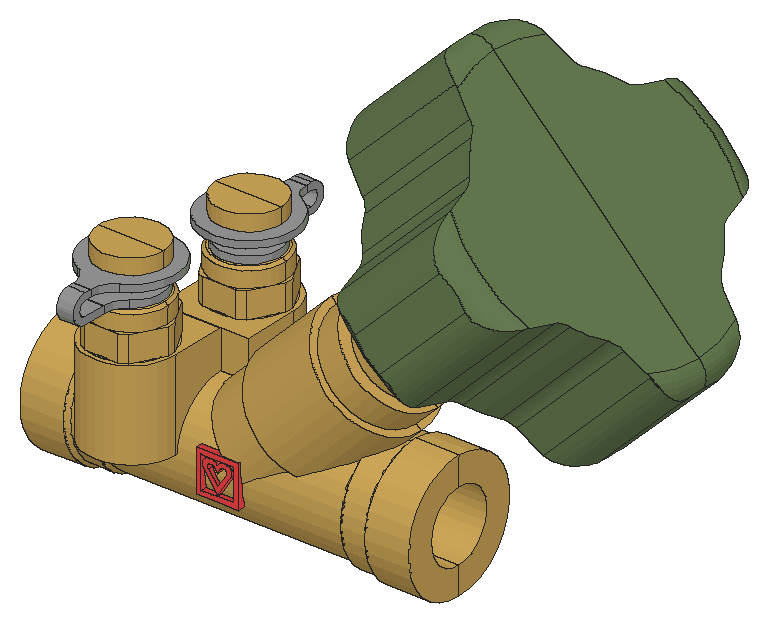
Revit family "Балансировочный клапан с диафрагмой для систем питьевого водоснабжения 4017 MW", category Rohrzubehör, Revit 2021
Family settings
  Bemaßung runder Anschluss = Durchmesser verwenden
  Teiletyp = Unterbricht
  OmniClass-Nummer = 23.65.55.14
  OmniClass-Titel = Valves for Liquid Services
  Arbeitsebenenbasiert = Nein
  Immer vertikal = Ja
  Beim Laden mit Abzugskörper schneiden = Nein
  Gemeinsam genutzt = Nein
Parameters
  Среда = "Питьевая вода"  # constant formula
  Примечание = "В соответствии со статьей 33 Регламента REACH (Registration; Evaluation; Authorisation; Restriction of Chemicals) (EC № 1907/2006) мы обязаны указать, что свинец внесен в список SVHC (Substances of Very High Concern - вещества очень высокой важности) и весовой процент свинца во всех латунных компонентах заводского изготовления в наших изделиях, превышает 0,1 % (w/w) (CAS: 7439-92-1 / EINECS: 231-100-4).\r\nПоскольку свинец является легирующим компонентом сплава, прямое негативное влияние исключается, и поэтому дополнительной информации о безопасном использовании не требуется."
  Область применения = "Для перекрытия трубопроводов и регулирования систем питьевого водоснабжения в зданиях или для гидравлической балансировки водоподающих трубопроводов."
  Номер заказа [instance] = size_lookup("4017_MW_", "Artnr", 0, Nennweite)  # 2401701
  Маховик = "пластик, цвет - зеленый"  # constant formula
  Корпус = "латунь, устойчивая к селективной цинковой коррозии"  # constant formula
  Исполнение = "В соответствии с нормами BS 7350 PN20, серия В, балансировочный клапан с наклонным шпинделем производится из медных сплавов.\r\nВсе металлические части, контактирующие с водой, изготовлены из латуни, устойчивой к селективной цинковой коррозии.\r\nКран-букса - с неподнимающимся шпинделем."
  kvs-значения [instance] = if(Nennweite = 15.000 mm, 2, if(Nennweite = 20.000 mm, 3.6, if(Nennweite = 25.000 mm, 6.5, if(Nennweite = 32.000 mm, 13.3, if(Nennweite = 40.000 mm, 18.5, if(Nennweite = 50.000 mm, 33, 0))))))  # 2
  kv-значения диафрагмы [instance] = if(Nennweite = 15.000 mm, 1.95, if(Nennweite = 20.000 mm, 3.95, if(Nennweite = 25.000 mm, 7.9, if(Nennweite = 32.000 mm, 15.75, if(Nennweite = 40.000 mm, 21.5, if(Nennweite = 50.000 mm, 46.7, 0))))))  # 1.95
  W01 = 45.00°  # constant formula
  Vorgabe-Ansicht = 0.000 mm
  URL = "www.herz-armaturen.ru"
  SW01 = 60.00°  # constant formula
  SCRNSEQ = "FW;SBT_TYP_FW=\"109\";2"
  SCRNCODE = "04;00;02"  # constant formula
  S03 = 60.000 mm  # constant formula
  S02 [instance] = L04 + L06 + L07  # 76.800 mm
  S01 [instance] = D01 * 2  # 27.000 mm
  R03 = 21.500 mm  # constant formula
  R02 = 9.500 mm  # constant formula
  R01 = 12.000 mm  # constant formula
  O-Ring = "EPDM"  # constant formula
  L10 [instance] = size_lookup("4017_MW_", "L10", 1.000 mm, Nennweite)  # 28.500 mm
  L09 [instance] = size_lookup("4017_MW_", "L9", 1.000 mm, Nennweite)  # 22.500 mm
  L08 [instance] = size_lookup("4017_MW_", "L8", 1.000 mm, Nennweite)  # 12.700 mm
  L07 [instance] = size_lookup("4017_MW_", "L7", 1.000 mm, Nennweite)  # 35.100 mm
  L06 [instance] = size_lookup("4017_MW_", "L6", 1.000 mm, Nennweite)  # 6.500 mm
  L05 [instance] = size_lookup("4017_MW_", "L5", 1.000 mm, Nennweite)  # 20.200 mm
  L04 [instance] = size_lookup("4017_MW_", "L4", 1.000 mm, Nennweite)  # 35.200 mm
  L03 [instance] = size_lookup("4017_MW_", "L3", 1.000 mm, Nennweite)  # 1.000 mm
  H03 [instance] = H01 - 19.000 mm  # 1.000 mm
  H02 = 13.000 mm  # constant formula
  E01 [instance] = L00 / -2  # -41.500 mm
  E00 = 0.000 mm  # constant formula
  D09 [instance] = size_lookup("4017_MW_", "D9", 1.000 mm, Nennweite)  # 11.750 mm
  D08 [instance] = size_lookup("4017_MW_", "D8", 1.000 mm, Nennweite)  # 9.500 mm
  D07 [instance] = size_lookup("4017_MW_", "D7", 1.000 mm, Nennweite)  # 12.000 mm
  D06 [instance] = size_lookup("4017_MW_", "D6", 1.000 mm, Nennweite)  # 13.500 mm
  D05 [instance] = size_lookup("4017_MW_", "D5", 1.000 mm, Nennweite)  # 12.500 mm
  D04 [instance] = Nennweite / 2  # 7.500 mm
  IG [instance] = Nennweite / 2  # 7.500 mm
  D03 [instance] = size_lookup("4017_MW_", "D3", 1.000 mm, Nennweite)  # 11.900 mm
  D02 [instance] = size_lookup("4017_MW_", "D2", 1.000 mm, Nennweite)  # 12.700 mm
  D01 [instance] = size_lookup("4017_MW_", "D1", 1.000 mm, Nennweite)  # 13.500 mm
  Nennweite [instance] = 15.000 mm
  Макс. перепад давления на закрытом седле = 1000000.0 Pa  # constant formula
  Макс. рабочая температура при 10 бар = 85 °C  # constant formula
  Макс. рабочее давление при 20 °C = 2000000.0 Pa  # constant formula
  L02 [instance] = size_lookup("4017_MW_", "L2", 1.000 mm, Nennweite)  # 5.000 mm
  L01 [instance] = size_lookup("4017_MW_", "L1", 1.000 mm, Nennweite)  # 9.250 mm
  L00 [instance] = size_lookup("4017_MW_", "L", 1.000 mm, Nennweite)  # 83.000 mm
  Hersteller = "HERZ Armaturen Ges.m.b.H."  # constant formula
  H01 [instance] = size_lookup("4017_MW_", "H1", 1.000 mm, Nennweite)  # 20.000 mm
  GT [instance] = size_lookup("4017_MW_", "GT", 1.000 mm, Nennweite)  # 13.200 mm
  DN50 [instance] = Nennweite = 50.000 mm  # no
  DN40 [instance] = Nennweite = 40.000 mm  # no
  DN32 [instance] = Nennweite = 32.000 mm  # no
  DN25 [instance] = Nennweite = 25.000 mm  # no
  DN20 [instance] = Nennweite = 20.000 mm  # no
  DN15 [instance] = Nennweite = 15.000 mm  # yes
Reference planes
  plane 1 "Mitte (Vorne/hinten)": y = 0
  plane 2: z = 0
  plane 3 "Mitte (Links/rechts)": x = 0
Forms (mm)
  Revolve 1, solid, material "Messing, weicher Gelbton, geschweißt", detail levels fine
    sketch origin (470, 0, 0) x (1, 0, 0) y (0, 0, 1)
      loop
        line (-511.5, 7.5) -> (-498.3, 7.5) -> (-498.3, 0) -> (-441.7, 0) -> (-441.7, 7.5) -> (-428.5, 7.5) -> (-428.5, 13.5) -> (-437.75, 13.5) -> (-438.55, 12.7) -> (-443.55, 12.7) -> (-444.35, 11.9) -> (-495.65, 11.9) -> (-496.45, 12.7) -> (-501.45, 12.7) -> (-502.25, 13.5) -> (-511.5, 13.5) -> (-511.5, 7.5)
      axis (-511.5, 0) -> (-428.5, 0)
    angle from 0 to 360
  Revolve 2, solid, material "Messing, weicher Gelbton, geschweißt", detail levels fine
    sketch origin (0.32, 0, -0.105) x (1, 0, 0) y (0, 0, 1)
      loop
        line (-1.32, 0.105) -> (52.986, 54.411) -> (44.677, 62.719) -> (35.697, 53.739) -> (37.288, 52.148) -> (21.449, 36.309) -> (19.681, 38.076) -> (15.085, 33.48) -> (14.024, 34.541) -> (-0.259, 20.257) -> (0.448, 19.55) -> (-7.098, 12.005) -> (-6.623, 5.408) -> (-1.32, 0.105)
      axis (-1.32, 0.105) -> (52.986, 54.411)
    angle from 0 to 360
  Extrusion 3, solid, material "Messing, weicher Gelbton, geschweißt", detail levels fine
    sketch origin (0, 0, 0) x (1, 0, 0) y (0, 1, 0)
      loop
        arc (-28.5, -12) -> (-19, -21.5) -> (-9.5, -12) r 9.5
        line (-9.5, -12) -> (-9.5, 0) -> (-28.5, 0) -> (-28.5, -12)
    from 1 <- "H03" to 20 <- "H01"
  Extrusion 4, solid, material "Messing, weicher Gelbton, geschweißt", detail levels fine
    sketch origin (0, 0, 0) x (1, 0, 0) y (0, 1, 0)
      loop
        line (-22.5, 12) -> (-22.5, 0) -> (-3.5, 0) -> (-3.5, 12)
        arc (-3.5, 12) -> (-13, 21.5) -> (-22.5, 12) r 9.5
    from 0 to 20 <- "H01"
Lines and regions (mm)
  model lines, detail levels coarse+medium
    curve 1: line (-41.5, 0, 13.5) -> (-41.5, 0, -13.5)
    curve 2: line (-41.5, 0, -13.5) -> (41.5, 0, 13.5)
    curve 3: line (41.5, 0, 13.5) -> (41.5, 0, -13.5)
    curve 4: line (41.5, 0, -13.5) -> (-41.5, 0, 13.5)
    curve 5: line (0, 0, 0) -> (38.4, 0, 66.511)
    curve 6: line (12.419, 0, 81.511) -> (64.381, 0, 51.511)
    curve 7: line (-41.5, -13.5, 0) -> (-41.5, 13.5, 0)
    curve 8: line (-41.5, 13.5, 0) -> (41.5, -13.5, 0)
    curve 9: line (41.5, -13.5, 0) -> (41.5, 13.5, 0)
    curve 10: line (41.5, 13.5, 0) -> (-41.5, -13.5, 0)
    curve 11: line (0, 0, 0) -> (38.4, 66.511, 0)
    curve 12: line (12.419, 81.511, 0) -> (64.381, 51.511, 0)
Dimensions and locks
  "L00": Revolve 1 sketch curve to Revolve 1 sketch curve
  equal spacing: Revolve 1 sketch curve, plane 3 "Mitte (Links/rechts)", Revolve 1 sketch curve
  "D01": Revolve 1 sketch curve to Revolve 1 sketch curve  (x2)
  "GT": Revolve 1 sketch curve to Revolve 1 sketch curve  (x2)
  "D06": Revolve 2 sketch curve to Revolve 2 sketch curve
  "D07": Revolve 2 sketch curve to Revolve 2 sketch curve
  "D08": Revolve 2 sketch curve to Revolve 2 sketch curve
  "D09": Revolve 2 sketch curve to Revolve 2 sketch curve
  equal spacing: curve 1, plane 3 "Mitte (Links/rechts)", curve 3
  "L00": curve 1 to curve 3
  equal spacing: curve 4, plane 2, curve 2
  "S01": curve 4 to curve 1
  "S01": curve 3 to curve 4
  equal spacing: curve 3, plane 2, curve 4
  "S02": curve 5 to curve 5
  equal spacing: curve 6, curve 5, curve 6
  "S03": curve 6 to curve 6
  equal spacing: curve 7, plane 3 "Mitte (Links/rechts)", curve 9
  "L00": curve 7 to curve 9
  equal spacing: curve 10, plane 1 "Mitte (Vorne/hinten)", curve 8
  "S01": curve 8 to curve 10
  equal spacing: curve 9, plane 1 "Mitte (Vorne/hinten)", curve 10
  "S01": curve 10 to curve 9
  "S02": curve 11 to curve 11
  equal spacing: curve 12, curve 11, curve 12
  "S03": curve 12 to curve 12
  "L01": Revolve 1 sketch curve to Revolve 1 sketch curve  (x2)
  "D02": Revolve 1 sketch curve to plane 2  (x2)
  "D03": Revolve 1 sketch curve to plane 2
  "IG": Revolve 1 sketch curve to plane 2  (x2)
  "L02": Revolve 1 sketch curve to Revolve 1 sketch curve  (x2)
  "L04": Revolve 2 sketch curve to Revolve 2 sketch curve
  "L05": Revolve 2 sketch curve to Revolve 2 sketch curve
  "D03": Revolve 2 sketch curve to plane 2
  "L06": Revolve 2 sketch curve to Revolve 2 sketch curve
  "L08": Revolve 2 sketch curve to Revolve 2 sketch curve
  "L07": Revolve 2 sketch curve to Revolve 2 sketch curve
  "D04": Revolve 2 sketch curve to Revolve 2 sketch curve
  "D05": Revolve 2 sketch curve to Revolve 2 sketch curve
  "L03": plane 3 "Mitte (Links/rechts)" to Revolve 2 sketch curve  (x2)
  "D03": nested 1 to plane 1 "Mitte (Vorne/hinten)"
  "L09": Revolve 1 to Extrusion 3 sketch curve
  "R01": Extrusion 3 sketch curve to plane 1 "Mitte (Vorne/hinten)"
  "R01": plane 1 "Mitte (Vorne/hinten)" to Extrusion 4 sketch curve
  "L10": Revolve 1 to Extrusion 4 sketch curve
  "H01": nested 3 to plane 2
  "H01": nested 2 to plane 2
  "R01": nested 3 to plane 1 "Mitte (Vorne/hinten)"
  "R01": plane 1 "Mitte (Vorne/hinten)" to nested 2
  "L10": Revolve 1 to nested 2
  "L09": Revolve 1 to nested 3
  "R02": radius of Extrusion 3 sketch curve
  "R02": radius of Extrusion 4 sketch curve
  "W01": angle level to Revolve 2 sketch curve
  "SW01": angle plane 2 to curve 5
  "SW01": angle plane 1 "Mitte (Vorne/hinten)" to curve 11
  "W01": angle Revolve 1 sketch curve to Revolve 1 sketch curve  (x4)
  "W01": angle plane 2 to Revolve 2 sketch curve
  aligned and locked: level to plane 2
Automatic sketch dimensions
  curve 5 to level = 0.000 mm
  plane 1 "Mitte (Vorne/hinten)" to curve 11 = 0.000 mm
  Revolve 1 sketch curve to level = 0.000 mm  (x2)
  Revolve 1 sketch curve to Revolve 1 sketch curve = 791.990 mm
  Revolve 1 sketch curve to Revolve 1 sketch curve = 2278.983 mm
  Revolve 2 sketch curve to level = 0.000 mm  (x2)
  plane 1 "Mitte (Vorne/hinten)" to Extrusion 3 sketch curve = 0.000 mm
  plane 1 "Mitte (Vorne/hinten)" to Extrusion 4 sketch curve = 0.000 mm
Nested families
  nested 1: "Herz-Logo-vorne" at (0, -11.9, 0) x (0, 1, 0) z (0, 0, 1), type "Herz-Logo-vorne", detail levels fine
  nested 2: "Messstutzen_Band_Austritt_senkrecht_(oben)" at (-13, 12, 2.5), type "Messstutzen_Band_Austritt_senkrecht_(oben)"
    with Schutzkappe yes, Nennweite 0.000 mm, Gewicht 0.00 kg, Bestellnummer 0
  nested 3: "Messstutzen_Band_Eintritt_senkrecht_(oben)" at (-19, -12, 2.5) x (-1, 0, 0) z (0, 0, 1), type "Messstutzen_Band_Eintritt_senkrecht_(oben)"
    with Schutzkappe yes, Nennweite 0.000 mm, Gewicht 0.00 kg, Bestellnummer 0
  nested 4: "Strangregulierventil-Handrad (Grün) DN15-DN32" at (53.306, 0, 54.306), visible <- "DN15", type "Strangregulierventil-Handrad (Grün) DN15-DN32"
    with Nennweite 0.000 mm, Gewicht 0.00 kg, Bestellnummer 0
  nested 5: "Strangregulierventil-Handrad (Grün) DN15-DN32" at (55.846, 0, 56.846), visible <- "DN20", type "Strangregulierventil-Handrad (Grün) DN15-DN32"
    with Nennweite 0.000 mm, Gewicht 0.00 kg, Bestellnummer 0
  nested 6: "Strangregulierventil-Handrad (Grün) DN15-DN32" at (64.569, 0, 70.069), visible <- "DN25", type "Strangregulierventil-Handrad (Grün) DN15-DN32"
    with Nennweite 0.000 mm, Gewicht 0.00 kg, Bestellnummer 0
  nested 7: "Strangregulierventil-Handrad (Grün) DN15-DN32" at (67.426, 0, 76.226), visible <- "DN32", type "Strangregulierventil-Handrad (Grün) DN15-DN32"
    with Nennweite 0.000 mm, Gewicht 0.00 kg, Bestellnummer 0
  nested 8: "Strangregulierventil-Handrad (Grün) DN40-DN50" at (76.747, 0, 88.247), visible <- "DN40", type "Strangregulierventil-Handrad (Grün) DN40-DN50"
    with Nennweite 0.000 mm, Gewicht 0.00 kg, Bestellnummer 0
  nested 9: "Strangregulierventil-Handrad (Grün) DN40-DN50" at (75.124, 0, 91.924), visible <- "DN50", type "Strangregulierventil-Handrad (Grün) DN40-DN50"
    with Nennweite 0.000 mm, Gewicht 0.00 kg, Bestellnummer 0
Connectors
  piping at (-28.3, 0, 0), diameter 15, driven by "Nennweite"
    settings: on Revolve 1, index 1, connector inside diameter 609.6 mm, connector length 0.000 mm, flow factor 0, pipe flow 0.0 L/s, pressure drop 0.0 Pa, fitting loss kfactor 0, connector angle 0.00°, fixture units 0, engagement length 0.000 mm, angle of deflection 0.00°, flow configuration 0, flow direction 1, fitting loss method 0, system type 29, joint type 0, gender type 0, connector reference index -1, connector utility 0, adjustable connector no, is connector primary yes, connector description ""
  piping at (28.3, 0, 0), diameter 15, driven by "Nennweite"
    settings: on Revolve 1, index 2, connector inside diameter 609.6 mm, connector length 0.000 mm, flow factor 0, pipe flow 0.0 L/s, pressure drop 0.0 Pa, fitting loss kfactor 0, connector angle 0.00°, fixture units 0, engagement length 0.000 mm, angle of deflection 0.00°, flow configuration 0, flow direction 2, fitting loss method 0, system type 29, joint type 0, gender type 0, connector reference index -1, connector utility 0, adjustable connector no, is connector primary no, connector description ""
Definition of nested family "Herz-Logo-vorne"
  Parameters (values of type "Herz-Logo-vorne")
    Default Elevation = 0.000 mm
  Reference planes
    plane 1 "Mitte (Vorne/hinten)": y = 0
    plane 2: z = 0
    plane 3 "Mitte (Links/rechts)": x = 0
  Forms (mm)
    Extrusion 1, solid
      sketch origin (0.732, -0.018, 0.017) x (0, -1, 0) y (0, 0, 1)
        loop
          line (-0.018, -4.517) -> (4.482, -4.517) -> (4.482, 4.483) -> (-4.518, 4.483) -> (-4.518, -4.517) -> (-0.018, -4.517)
        loop
          line (-0.05, -3.48) -> (3.482, -3.48) -> (3.482, 3.483) -> (-3.518, 3.483) -> (-3.518, -3.48) -> (-0.05, -3.48)
        loop
          arc (-0.018, 2.383) -> (-1.543, 3.287) -> (-3.067, 2.383) r 1.738
          arc (-3.067, 2.383) -> (-3.191, 1.899) -> (-3.067, 1.415) r 1.009
          line (-3.067, 1.415) -> (-0.018, -3.281) -> (3.032, 1.415)
          arc (3.032, 1.415) -> (3.156, 1.899) -> (3.032, 2.383) r 1.009
          arc (3.032, 2.383) -> (1.507, 3.287) -> (-0.018, 2.383) r 1.738
        loop
          arc (1.885, 1.272) -> (2.005, 1.675) -> (1.885, 2.079) r 0.74
          arc (1.885, 2.079) -> (1.265, 2.416) -> (0.644, 2.079) r 0.74
          line (0.644, 2.079) -> (-0.018, 0.97) -> (-0.679, 2.079)
          arc (-0.679, 2.079) -> (-1.3, 2.416) -> (-1.921, 2.079) r 0.74
          arc (-1.921, 2.079) -> (-2.04, 1.675) -> (-1.921, 1.272) r 0.74
          line (-1.921, 1.272) -> (-0.018, -1.658) -> (1.885, 1.272)
      from 0 to 1.5
  Dimensions and locks
    aligned and locked: level to plane 2
Definition of nested family "Messstutzen_Band_Austritt_senkrecht_(oben)"
  Parameters (values of type "Messstutzen_Band_Austritt_senkrecht_(oben)")
    Default Elevation = 0.000 mm
    URL = "www.herz-armaturen.at"
    Schutzkappe [instance] = yes
    Nennweite [instance] = 0.000 mm
    Manufacturer = "Herz Armaturen GmbH"  # constant formula
    Gewicht [instance] = 0.00 kg
    Bestellnummer [instance] = 0
  Reference planes
    plane 1 "Mitte (Vorne/hinten)": y = 0
    plane 2: z = 0
    plane 3 "Mitte (Links/rechts)": x = 0
    plane 4 "Schlaufe 1": z = -27
    plane 5 "Schlaufe 2": z = -31.678
  Forms (mm)
    Revolve 1, solid, detail levels fine
      sketch origin (0, 0, 0) x (1, 0, 0) y (0, 0, 1)
        loop
          line (-7.4, 9) -> (-5.55, 9) -> (-5.55, 6)
          arc (-5.55, 6) -> (-5.626, 5.617) -> (-5.843, 5.293) r 1
          line (-5.843, 5.293) -> (-6.455, 4.681) -> (-6.455, 0.9) -> (-5.555, 0) -> (-2, 0) -> (-2, 17.5) -> (-8.4, 17.5)
          arc (-8.4, 17.5) -> (-7.693, 17.207) -> (-7.4, 16.5) r 1
          line (-7.4, 16.5) -> (-7.4, 9)
        loop
          line (-3.7, 27) -> (-7.3, 27) -> (-7.9, 26.4) -> (-7.9, 23) -> (-2, 23) -> (-2, 35.8) -> (-3.805, 35.8) -> (-4.415, 35.19) -> (-4.415, 30.863) -> (-3.7, 30.45) -> (-3.7, 27)
        axis (0, 0) -> (0, 35.8)
      angle from 0 to 360
    Extrusion 2, solid, detail levels fine
      sketch origin (0, 0, 17.5) x (0, 1, 0) y (-1, 0, 0)
        loop
          arc (-7.07, 5.156) -> (-7.578, 4.375) -> (-8, 3.544) r 8.75
          line (-8, 3.544) -> (-8, -3.544)
          arc (-8, -3.544) -> (-7.578, -4.375) -> (-7.07, -5.156) r 8.75
          line (-7.07, -5.156) -> (-0.93, -8.7)
          arc (-0.93, -8.7) -> (0, -8.75) -> (0.93, -8.7) r 8.75
          line (0.93, -8.7) -> (7.07, -5.156)
          arc (7.07, -5.156) -> (7.578, -4.375) -> (8, -3.544) r 8.75
          line (8, -3.544) -> (8, 3.544)
          arc (8, 3.544) -> (7.578, 4.375) -> (7.07, 5.156) r 8.75
          line (7.07, 5.156) -> (0.93, 8.7)
          arc (0.93, 8.7) -> (0, 8.75) -> (-0.93, 8.7) r 8.75
          line (-0.93, 8.7) -> (-7.07, 5.156)
      from 0 to 5.5
    Revolve 3, solid, visible <- "Schutzkappe", detail levels fine
      sketch origin (0, 0, 0) x (1, 0, 0) y (0, 0, 1)
        loop
          line (0, 35.878) -> (0, 36.678) -> (-7, 36.678) -> (-7, 33.378) -> (-6.1, 33.378) -> (-6.1, 31.678) -> (-6.9, 31.678) -> (-6.9, 30.178) -> (-4.415, 30.178) -> (-4.415, 35.268) -> (-3.805, 35.878) -> (0, 35.878)
        axis (0, 30.178) -> (0, 36.678)
      angle from 0 to 360
    Extrusion 4, solid, detail levels fine
      sketch origin (0, 0, 28.5) x (1, 0, 0) y (0, 1, 0)
        loop
          circle (0, 0) r 3.7
        loop
          arc (-3.906, 5.505) -> (0, -6.75) -> (3.906, 5.505) r 6.75
          arc (3.906, 5.505) -> (2.358, 7.288) -> (1.8, 9.582) r 5
          line (1.8, 9.582) -> (-1.8, 9.582)
          arc (-1.8, 9.582) -> (-2.358, 7.288) -> (-3.906, 5.505) r 5
      from 0 to -1.5
    Extrusion 5, solid, detail levels fine
      sketch origin (0, 0, 33.178) x (1, 0, 0) y (0, 1, 0)
        loop
          circle (0, 0) r 6.1
        loop
          arc (-4.495, 8.652) -> (0, -9.75) -> (4.495, 8.652) r 9.75
          arc (4.495, 8.652) -> (2.527, 10.493) -> (1.8, 13.089) r 5
          line (1.8, 13.089) -> (-1.8, 13.089)
          arc (-1.8, 13.089) -> (-2.527, 10.493) -> (-4.495, 8.652) r 5
      from 0 to -1.5
    Sweep 6, solid, detail levels fine
      path origin (0, 0, 0) x (0, 0, -1) y (0, -1, 0)
        loop
          line (-27.75, -9.582) -> (-27.75, -14.522)
          arc (-27.75, -14.522) -> (-30.089, -16.862) -> (-32.428, -14.522) r 2.339
          line (-32.428, -14.522) -> (-32.428, -13.089)
      profile origin (0, 12.052, 27.75) x (0, 0, 1) y (1, 0, 0)
        loop
          line (-0.75, -1.8) -> (0.75, -1.8) -> (0.75, 1.8) -> (-0.75, 1.8) -> (-0.75, -1.8)
  Dimensions and locks
    aligned and locked: level to plane 2
Definition of nested family "Messstutzen_Band_Eintritt_senkrecht_(oben)"
  Parameters (values of type "Messstutzen_Band_Eintritt_senkrecht_(oben)")
    Default Elevation = 0.000 mm
    URL = "www.herz-armaturen.at"
    Schutzkappe [instance] = yes
    Nennweite [instance] = 0.000 mm
    Manufacturer = "Herz Armaturen GmbH"  # constant formula
    Gewicht [instance] = 0.00 kg
    Bestellnummer [instance] = 0
  Reference planes
    plane 1 "Mitte (Vorne/hinten)": y = 0
    plane 2: z = 0
    plane 3 "Mitte (Links/rechts)": x = 0
    plane 4 "Schlaufe 1": z = -27
    plane 5 "Schlaufe 2": z = -31.678
  Forms (mm)
    Revolve 1, solid, detail levels fine
      sketch origin (0, 0, 0) x (1, 0, 0) y (0, 0, 1)
        loop
          line (-7.4, 9) -> (-5.55, 9) -> (-5.55, 6)
          arc (-5.55, 6) -> (-5.626, 5.617) -> (-5.843, 5.293) r 1
          line (-5.843, 5.293) -> (-6.455, 4.681) -> (-6.455, 0.9) -> (-5.555, 0) -> (-2, 0) -> (-2, 17.5) -> (-8.4, 17.5)
          arc (-8.4, 17.5) -> (-7.693, 17.207) -> (-7.4, 16.5) r 1
          line (-7.4, 16.5) -> (-7.4, 9)
        loop
          line (-3.7, 27) -> (-7.3, 27) -> (-7.9, 26.4) -> (-7.9, 23) -> (-2, 23) -> (-2, 35.8) -> (-3.805, 35.8) -> (-4.415, 35.19) -> (-4.415, 30.863) -> (-3.7, 30.45) -> (-3.7, 27)
        axis (0, 0) -> (0, 35.8)
      angle from 0 to 360
    Extrusion 2, solid, detail levels fine
      sketch origin (0, 0, 17.5) x (0, 1, 0) y (-1, 0, 0)
        loop
          arc (-7.07, 5.156) -> (-7.578, 4.375) -> (-8, 3.544) r 8.75
          line (-8, 3.544) -> (-8, -3.544)
          arc (-8, -3.544) -> (-7.578, -4.375) -> (-7.07, -5.156) r 8.75
          line (-7.07, -5.156) -> (-0.93, -8.7)
          arc (-0.93, -8.7) -> (0, -8.75) -> (0.93, -8.7) r 8.75
          line (0.93, -8.7) -> (7.07, -5.156)
          arc (7.07, -5.156) -> (7.578, -4.375) -> (8, -3.544) r 8.75
          line (8, -3.544) -> (8, 3.544)
          arc (8, 3.544) -> (7.578, 4.375) -> (7.07, 5.156) r 8.75
          line (7.07, 5.156) -> (0.93, 8.7)
          arc (0.93, 8.7) -> (0, 8.75) -> (-0.93, 8.7) r 8.75
          line (-0.93, 8.7) -> (-7.07, 5.156)
      from 0 to 5.5
    Revolve 3, solid, visible <- "Schutzkappe", detail levels fine
      sketch origin (0, 0, 0) x (1, 0, 0) y (0, 0, 1)
        loop
          line (0, 35.878) -> (0, 36.678) -> (-7, 36.678) -> (-7, 33.378) -> (-6.1, 33.378) -> (-6.1, 31.678) -> (-6.9, 31.678) -> (-6.9, 30.178) -> (-4.415, 30.178) -> (-4.415, 35.268) -> (-3.805, 35.878) -> (0, 35.878)
        axis (0, 30.178) -> (0, 36.678)
      angle from 0 to 360
    Extrusion 4, solid, detail levels fine
      sketch origin (0, 0, 28.5) x (1, 0, 0) y (0, 1, 0)
        loop
          circle (0, 0) r 3.7
        loop
          arc (-3.906, 5.505) -> (0, -6.75) -> (3.906, 5.505) r 6.75
          arc (3.906, 5.505) -> (2.358, 7.288) -> (1.8, 9.582) r 5
          line (1.8, 9.582) -> (-1.8, 9.582)
          arc (-1.8, 9.582) -> (-2.358, 7.288) -> (-3.906, 5.505) r 5
      from 0 to -1.5
    Extrusion 5, solid, detail levels fine
      sketch origin (0, 0, 33.178) x (1, 0, 0) y (0, 1, 0)
        loop
          circle (0, 0) r 6.1
        loop
          arc (-4.495, 8.652) -> (0, -9.75) -> (4.495, 8.652) r 9.75
          arc (4.495, 8.652) -> (2.527, 10.493) -> (1.8, 13.089) r 5
          line (1.8, 13.089) -> (-1.8, 13.089)
          arc (-1.8, 13.089) -> (-2.527, 10.493) -> (-4.495, 8.652) r 5
      from 0 to -1.5
    Sweep 6, solid, detail levels fine
      path origin (0, 0, 0) x (0, 0, -1) y (0, -1, 0)
        loop
          line (-27.75, -9.582) -> (-27.75, -14.522)
          arc (-27.75, -14.522) -> (-30.089, -16.862) -> (-32.428, -14.522) r 2.339
          line (-32.428, -14.522) -> (-32.428, -13.089)
      profile origin (0, 12.052, 27.75) x (0, 0, 1) y (1, 0, 0)
        loop
          line (-0.75, -1.8) -> (0.75, -1.8) -> (0.75, 1.8) -> (-0.75, 1.8) -> (-0.75, -1.8)
  Dimensions and locks
    aligned and locked: level to plane 2
Definition of nested family "Strangregulierventil-Handrad (Grün) DN15-DN32"
  Parameters (values of type "Strangregulierventil-Handrad (Grün) DN15-DN32")
    Default Elevation = 0.000 mm
    URL = "www.herz-armaturen.at"
    Nennweite [instance] = 0.000 mm
    Manufacturer = "Herz Armaturen GmbH"  # constant formula
    Gewicht [instance] = 0.00 kg
    Bestellnummer [instance] = 0
  Reference planes
    plane 1 "Mitte (Vorne/hinten)": y = 0
    plane 2: z = 0
    plane 3 "Mitte (Links/rechts)": x = 0
  Forms (mm)
    Revolve 1, solid, detail levels fine
      sketch origin (0, 0, 0) x (0.707107, 0, -0.707107) y (0.707107, 0, 0.707107)
        loop
          line (0, 0) -> (0, 24.95) -> (-30.992, 24.95)
          arc (-30.992, 24.95) -> (-34.37, 23.636) -> (-35.973, 20.386) r 5
          line (-35.973, 20.386) -> (-37, 8.65) -> (-35.986, -2.936)
          arc (-35.986, -2.936) -> (-34.383, -6.186) -> (-31.005, -7.5) r 5
          line (-31.005, -7.5) -> (-15, -7.5) -> (-15, 0) -> (0, 0)
        axis (0, 24.95) -> (0, -7.5)
      angle from 0 to 360
    Extrusion 2, void
      sketch origin (14.354, 0, 14.354) x (0.707107, 0, -0.707107) y (0, 1, 0)
        loop
          line (3.861, 35.5) -> (-3.861, 35.5)
          arc (-3.861, 35.5) -> (-8.731, 33.847) -> (-11.589, 29.571) r 8
          line (-11.589, 29.571) -> (-13.284, 23.245)
          arc (-13.284, 23.245) -> (-13.982, 21.722) -> (-15.144, 20.516) r 5
          arc (-15.144, 20.516) -> (-18.031, 18.031) -> (-20.516, 15.144) r 25.5
          arc (-20.516, 15.144) -> (-21.722, 13.982) -> (-23.245, 13.284) r 5
          line (-23.245, 13.284) -> (-29.571, 11.589)
          arc (-29.571, 11.589) -> (-33.847, 8.731) -> (-35.5, 3.861) r 8
          line (-35.5, 3.861) -> (-35.5, -3.861)
          arc (-35.5, -3.861) -> (-33.847, -8.731) -> (-29.571, -11.589) r 8
          line (-29.571, -11.589) -> (-23.245, -13.284)
          arc (-23.245, -13.284) -> (-21.722, -13.982) -> (-20.516, -15.144) r 5
          arc (-20.516, -15.144) -> (-18.031, -18.031) -> (-15.144, -20.516) r 25.5
          arc (-15.144, -20.516) -> (-13.982, -21.722) -> (-13.284, -23.245) r 5
          line (-13.284, -23.245) -> (-11.589, -29.571)
          arc (-11.589, -29.571) -> (-8.731, -33.847) -> (-3.861, -35.5) r 8
          line (-3.861, -35.5) -> (3.861, -35.5)
          arc (3.861, -35.5) -> (8.731, -33.847) -> (11.589, -29.571) r 8
          line (11.589, -29.571) -> (13.284, -23.245)
          arc (13.284, -23.245) -> (13.982, -21.722) -> (15.144, -20.516) r 5
          arc (15.144, -20.516) -> (18.031, -18.031) -> (20.516, -15.144) r 25.5
          arc (20.516, -15.144) -> (21.722, -13.982) -> (23.245, -13.284) r 5
          line (23.245, -13.284) -> (29.571, -11.589)
          arc (29.571, -11.589) -> (33.847, -8.731) -> (35.5, -3.861) r 8
          line (35.5, -3.861) -> (35.5, 3.861)
          arc (35.5, 3.861) -> (33.847, 8.731) -> (29.571, 11.589) r 8
          line (29.571, 11.589) -> (23.245, 13.284)
          arc (23.245, 13.284) -> (21.722, 13.982) -> (20.516, 15.144) r 5
          arc (20.516, 15.144) -> (18.031, 18.031) -> (15.144, 20.516) r 25.5
          arc (15.144, 20.516) -> (13.982, 21.722) -> (13.284, 23.245) r 5
          line (13.284, 23.245) -> (11.589, 29.571)
          arc (11.589, 29.571) -> (8.731, 33.847) -> (3.861, 35.5) r 8
        loop
          circle (0, 0) r 38
      from -31.266 to 7.923
  Cuts and joins
    Extrusion 2 cuts Revolve 1
  Dimensions and locks
    Revolve 1 sketch curve to Revolve 1 sketch curve = 15.000 mm
    Revolve 1 sketch curve to Revolve 1 sketch curve = 16.150 mm
    Revolve 1 sketch curve to Revolve 1 sketch curve = 16.300 mm
    angle Revolve 1 sketch curve to Revolve 1 sketch curve = 95.00°
    aligned and locked: level to plane 2
Definition of nested family "Strangregulierventil-Handrad (Grün) DN40-DN50"
  Parameters (values of type "Strangregulierventil-Handrad (Grün) DN40-DN50")
    Default Elevation = 0.000 mm
    URL = "www.herz-armaturen.at"
    Nennweite [instance] = 0.000 mm
    Manufacturer = "Herz Armaturen GmbH"  # constant formula
    Gewicht [instance] = 0.00 kg
    Bestellnummer [instance] = 0
  Reference planes
    plane 1 "Mitte (Vorne/hinten)": y = 0
    plane 2: z = 0
    plane 3 "Mitte (Links/rechts)": x = 0
  Forms (mm)
    Revolve 1, solid, detail levels fine
      sketch origin (0, 0, 0) x (0.707107, 0, -0.707107) y (0.707107, 0, 0.707107)
        loop
          line (0, 0) -> (0, 24.95) -> (-50.992, 24.95)
          arc (-50.992, 24.95) -> (-54.37, 23.636) -> (-55.973, 20.386) r 5
          line (-55.973, 20.386) -> (-57, 8.65) -> (-55.986, -2.936)
          arc (-55.986, -2.936) -> (-54.383, -6.186) -> (-51.005, -7.5) r 5
          line (-51.005, -7.5) -> (-15, -7.5) -> (-15, 0) -> (0, 0)
        axis (0, 24.95) -> (0, -7.5)
      angle from 0 to 360
    Extrusion 2, void
      sketch origin (14.354, 0, 14.354) x (0.707107, 0, -0.707107) y (0, 1, 0)
        loop
          line (-55, 6.292) -> (-55, -6.292)
          arc (-55, -6.292) -> (-52.52, -13.597) -> (-46.106, -17.883) r 12
          line (-46.106, -17.883) -> (-35.399, -20.752)
          arc (-35.399, -20.752) -> (-33.541, -21.612) -> (-32.08, -23.047) r 6
          arc (-32.08, -23.047) -> (-27.931, -27.931) -> (-23.047, -32.08) r 39.5
          arc (-23.047, -32.08) -> (-21.612, -33.541) -> (-20.752, -35.399) r 6
          line (-20.752, -35.399) -> (-17.883, -46.106)
          arc (-17.883, -46.106) -> (-13.597, -52.52) -> (-6.292, -55) r 12
          line (-6.292, -55) -> (6.292, -55)
          arc (6.292, -55) -> (13.597, -52.52) -> (17.883, -46.106) r 12
          line (17.883, -46.106) -> (20.752, -35.399)
          arc (20.752, -35.399) -> (21.612, -33.541) -> (23.047, -32.08) r 6
          arc (23.047, -32.08) -> (27.931, -27.931) -> (32.08, -23.047) r 39.5
          arc (32.08, -23.047) -> (33.541, -21.612) -> (35.399, -20.752) r 6
          line (35.399, -20.752) -> (46.106, -17.883)
          arc (46.106, -17.883) -> (52.52, -13.597) -> (55, -6.292) r 12
          line (55, -6.292) -> (55, 6.292)
          arc (55, 6.292) -> (52.52, 13.597) -> (46.106, 17.883) r 12
          line (46.106, 17.883) -> (35.399, 20.752)
          arc (35.399, 20.752) -> (33.541, 21.612) -> (32.08, 23.047) r 6
          arc (32.08, 23.047) -> (27.931, 27.931) -> (23.047, 32.08) r 39.5
          arc (23.047, 32.08) -> (21.612, 33.541) -> (20.752, 35.399) r 6
          line (20.752, 35.399) -> (17.883, 46.106)
          arc (17.883, 46.106) -> (13.597, 52.52) -> (6.292, 55) r 12
          line (6.292, 55) -> (-6.292, 55)
          arc (-6.292, 55) -> (-13.597, 52.52) -> (-17.883, 46.106) r 12
          line (-17.883, 46.106) -> (-20.752, 35.399)
          arc (-20.752, 35.399) -> (-21.612, 33.541) -> (-23.047, 32.08) r 6
          arc (-23.047, 32.08) -> (-27.931, 27.931) -> (-32.08, 23.047) r 39.5
          arc (-32.08, 23.047) -> (-33.541, 21.612) -> (-35.399, 20.752) r 6
          line (-35.399, 20.752) -> (-46.106, 17.883)
          arc (-46.106, 17.883) -> (-52.52, 13.597) -> (-55, 6.292) r 12
        loop
          circle (0, 0) r 60
      from -31.161 to 7.489
  Cuts and joins
    Extrusion 2 cuts Revolve 1
  Dimensions and locks
    Revolve 1 sketch curve to Revolve 1 sketch curve = 15.000 mm
    Revolve 1 sketch curve to Revolve 1 sketch curve = 16.150 mm
    Revolve 1 sketch curve to Revolve 1 sketch curve = 16.300 mm
    Revolve 1 sketch curve to Revolve 1 sketch curve = 57.000 mm
    angle Revolve 1 sketch curve to Revolve 1 sketch curve = 95.00°
    aligned and locked: level to plane 2
